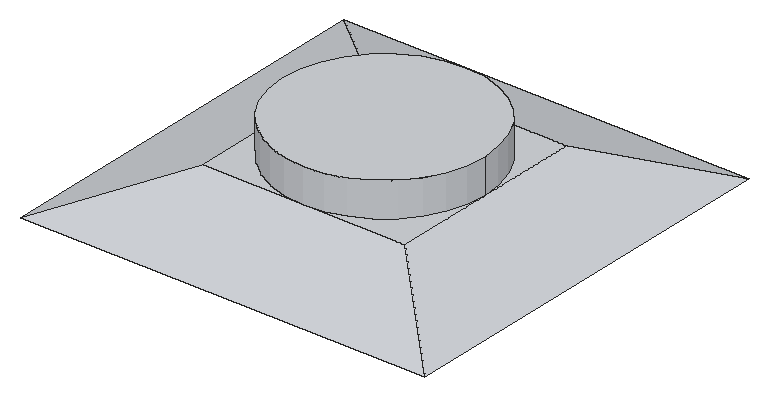
Revit family "M_Difusor de fornecimento - Pescoço redondo com face retangular", category Terminais de ar, Revit 2019
Family settings
  Cota do conector redondo = Usar raio
  Tipo de parte = Normal
  Número OmniClass = 23.75.70.21.27.11
  Título OmniClass = Diffusers, Registers, and Grilles
  ID de item do Seek = Supply Diffuser - Rectangular Face Round Neck-0000-CAN-ENU
  Com base no plano de trabalho = Não
  Sempre na vertical = Sim
  Corte com vazios quando carregada = Não
  Compartilhado = Não
  Ponto de cálculo do ambiente = Não
Parameters (values of type "300x300 - Pescoço 150")
  Largura 1 = Largura do difusor 1 * 0.65  # 195 mm
  Comprimento = if(Altura do difusor 1 > Largura do difusor 1, Altura do difusor 1, Largura do difusor 1)  # 300 mm
  Altura 1 = Altura do difusor 1 * 0.65  # 195 mm
  Altura do difusor 1 = 300 mm
  Largura do difusor 1 = 300 mm
  SetaAcima [instance] = yes
  Queda de pressão [instance] = 21.0 Pa
  Altura do difusor 2 = 150 mm
  Largura do difusor 2 = 150 mm
  SetaDireita [instance] = yes
  SetaEsquerda [instance] = yes
  Fluxo [instance] = 235.0 L/s
  Raio do duto = Diâmetro do duto / 2  # 75 mm
  Diâmetro do duto = 150 mm
  SetaparaBaixo [instance] = yes
  Assembly Code = ""
Types (8, lengths in mm): name | Largura 1 | Comprimento | Altura 1 | Altura do difusor 1 | Largura do difusor 1 | Altura do difusor 2 | Largura do difusor 2 | Raio do duto | Diâmetro do duto
  300x300 - Pescoço 150 | 195 | 300 | 195 | 300 | 300 | 150 | 150 | 75 | 150
  300x300 - Pescoço 200 | 195 | 300 | 195 | 300 | 300 | 225 | 225 | 100 | 200
  600x600 - Pescoço 150 | 390 | 600 | 390 | 600 | 600 | 150 | 150 | 75 | 150
  600x600 - Pescoço 200 | 390 | 600 | 390 | 600 | 600 | 225 | 225 | 100 | 200
  600x600 - Pescoço 250 | 390 | 600 | 390 | 600 | 600 | 300 | 300 | 125 | 250
  600x600 - Pescoço 300 | 390 | 600 | 390 | 600 | 600 | 300 | 300 | 150 | 300
  600x600 - Pescoço 350 | 390 | 600 | 390 | 600 | 600 | 375 | 375 | 175 | 350
  600x600 - Pescoço 400 | 390 | 600 | 390 | 600 | 600 | 450 | 450 | 200 | 400
Reference planes
  plane 1 "Centro (Frente/Trás)": y = 0
  plane 2: z = 0
  plane 3 "Centro (Esquerda/Direita)": x = 0
  plane 4: x = 457.2
  plane 5: y = 457.2
  plane 6: x = -457.2
  plane 7: y = -457.2
Forms (mm)
  Blend 1, solid
    base sketch origin (0, 0, 0) x (1, 0, 0) y (0, 1, 0)
      loop
        line (-150, 150) -> (-150, -150) -> (150, -150) -> (150, 150) -> (-150, 150)
    top sketch origin (0, 0, 0) x (1, 0, 0) y (0, 1, 0)
      loop
        line (-75, 75) -> (-75, -75) -> (75, -75) -> (75, 75) -> (-75, 75)
    from 0 to 28.575
  Extrusion 2, solid
    sketch origin (0, 0, 0) x (1, 0, 0) y (0, 1, 0)
      loop
        circle (0, 0) r 75
    from 28.575 to 53.975
Lines and regions (mm)
  symbolic lines
    curve 1: line (-150, 150, 0) -> (150, 150, 0)
    curve 2: line (150, 150, 0) -> (150, -150, 0)
    curve 3: line (150, -150, 0) -> (-150, -150, 0)
    curve 4: line (-150, -150, 0) -> (-150, 150, 0)
    curve 5: line (-150, 150, 0) -> (150, -150, 0)
    curve 6: line (-150, -150, 0) -> (150, 150, 0)
Dimensions and locks
  equal spacing: Blend 1 sketch curve, plane 3 "Centro (Esquerda/Direita)", Blend 1 sketch curve  (x2)
  "Largura do difusor 1": Blend 1 sketch curve to Blend 1 sketch curve
  equal spacing: Blend 1 sketch curve, plane 1 "Centro (Frente/Trás)", Blend 1 sketch curve  (x2)
  "Altura do difusor 1": Blend 1 sketch curve to Blend 1 sketch curve
  "Largura do difusor 2": Blend 1 sketch curve to Blend 1 sketch curve
  "Altura do difusor 2": Blend 1 sketch curve to Blend 1 sketch curve
  "Largura 1": nested 1 to plane 3 "Centro (Esquerda/Direita)"
  "Largura 1": plane 3 "Centro (Esquerda/Direita)" to nested 3
  "Altura 1": nested 2 to plane 1 "Centro (Frente/Trás)"
  "Altura 1": nested 4 to plane 1 "Centro (Frente/Trás)"
  "Raio do duto": radius of Extrusion 2 sketch curve
  aligned and locked: curve 1 to Blend 1
  aligned and locked: curve 2 to Blend 1
  aligned and locked: curve 3 to Blend 1
  aligned and locked: curve 4 to Blend 1
  aligned and locked: nested 1 to plane 1 "Centro (Frente/Trás)"
  aligned and locked: plane 3 "Centro (Esquerda/Direita)" to nested 2
  aligned and locked: plane 1 "Centro (Frente/Trás)" to nested 3
  aligned and locked: nested 4 to plane 3 "Centro (Esquerda/Direita)"
Automatic sketch dimensions
  Extrusion 2 sketch curve to plane 1 "Centro (Frente/Trás)" = 0 mm
  Extrusion 2 sketch curve to plane 3 "Centro (Esquerda/Direita)" = 0 mm
Nested families
  nested 1: "M_Seta do terminal do duto" at (-195, 0, 0) x (-1, 0, 0) z (0, 0, 1), visible <- "SetaDireita", type "Seta do terminal do duto"
  nested 2: "M_Seta do terminal do duto" at (0, 195, 0) x (0, 1, 0) z (0, 0, 1), visible <- "SetaAcima", type "Seta do terminal do duto"
  nested 3: "M_Seta do terminal do duto" at (195, 0, 0), visible <- "SetaEsquerda", type "Seta do terminal do duto"
  nested 4: "M_Seta do terminal do duto" at (0, -195, 0) x (0, -1, 0) z (0, 0, 1), visible <- "SetaparaBaixo", type "Seta do terminal do duto"
Connectors
  hvac at (0, 0, 53.975), driven by "Raio do duto", driven by "Fluxo", driven by "Queda de pressão"
    settings: on Extrusion 2, index 0, duct flow 235.0 L/s, flow factor 0, pres drop 21.0 Pa, loss coef 0, conn angle 0.00°, conn width 304.8 mm, conn height 304.8 mm, conn diameter 150 mm, duct sys type 1, conn prof type 0, flow config 1, flow direction 1, loss method 4, conn ref index -1, conn util no, is conn primary yes, conn desc ""
Definition of nested family "M_Seta do terminal do duto"
  Parameters
    Largura = (Comprimento / 2) / cos(15.00°)  # 25.882 mm
    Comprimento = 50 mm
  Reference planes
    plane 1 "Centro (Frente/Trás)": y = 0
    plane 2: z = 0
    plane 3 "Centro (Esquerda/Direita)": x = 0
  Lines and regions (mm)
    Filled region 1, type "Bloco de concreto", in view "Nível de referência"
      outline origin (0, 0, 0) x (1, 0, 0) y (0, 1, 0)
        loop
          line (25, 6.699) -> (25, -6.699) -> (50, 0) -> (25, 6.699)
    detail lines, in view "Nível de referência"
      curve 1: line (0, 0, 0) -> (50, 0, 0)
      curve 2: line (50, 0, 0) -> (25, 6.699, 0)
      curve 3: line (50, 0, 0) -> (25, -6.699, 0)
      curve 4: line (25, 6.699, 0) -> (25, -6.699, 0)
  Dimensions and locks
    "Comprimento": curve 1 to curve 1
    "Largura": curve 2 to curve 2
    "Largura": curve 3 to curve 3
    locked: curve 2 to curve 1 (angle 15.00°)
    locked: curve 1 to curve 3 (angle 15.00°)
    aligned and locked: plane 3 "Centro (Esquerda/Direita)" to curve 1
    aligned and locked: plane 1 "Centro (Frente/Trás)" to curve 1
    aligned and locked: Filled region 1 sketch curve to curve 4
    aligned and locked: Filled region 1 sketch curve to curve 2
    aligned and locked: Filled region 1 sketch curve to curve 3
